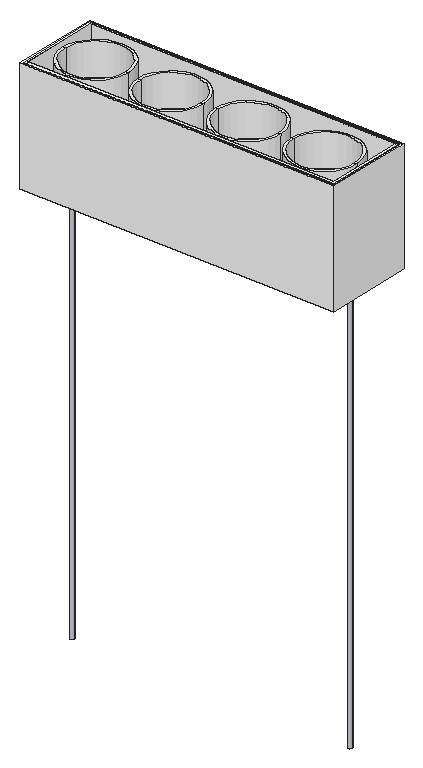
Revit family "Lighting-Pendant-Amerlux-C3M-PM-A17-4 Light", category Lighting Fixtures, host Face, Revit 2015
Parameters
  Suspension Length [instance] = 2' - 0"
  Housing Length = 1' - 6 1/8"
  Voltage = 0 V
  URL = "http://www.amerlux.com"
  Trim [instance] = yes
  Rotation Angle = 90.00°
  Power Factor = 1
  Number of Poles = 1
  Model = "C3M-PM-A17"
  Manufacturer = "Amerlux"
  Housing Width = 0' - 5"
  Lamp = "LED"
  Fixture Finish = White
  Description = "Suspended Multiple 4 Light"
  Depth = 0' - 6 1/2"
  Default Elevation = 4' - 0"
  Apparent Load = 0 VA
Reference planes (in)
  plane 1 "Center (Front/Back)": y = 0
  plane 2: z = 0
  plane 3 "Center (Left/Right)": x = 0
  plane 4: z = 18.64986
  plane 5: z = -4.75
  plane 6: z = 24
  plane 7: z = 30.64986
Forms (in)
  Extrusion 1, void
    sketch origin (0, 0, 0) x (1, 0, 0) y (0, 1, 0)
      loop
        line (-8.815, 2.375) -> (-8.815, -2.375) -> (8.8225, -2.375) -> (8.8225, 2.375) -> (-8.815, 2.375)
    from 26.64597 to 30.5
  Extrusion 2, solid, material "White" <- "Fixture Finish"
    sketch origin (0, 0, 0) x (0, 1, 0) y (0, 0, 1)
      loop
        line (-2.5, 30.5) -> (-2.5, 24) -> (2.5, 24) -> (2.5, 30.5) -> (-2.5, 30.5)
    from -9.0625 to 9.0625
  Extrusion 3, solid, material "White" <- "Fixture Finish"
    sketch origin (0, 0, 0) x (1, 0, 0) y (0, 1, 0)
      loop
        line (-8.815, 2.25) -> (-8.815, -2.25) -> (8.8225, -2.25) -> (8.8225, 2.25) -> (-8.815, 2.25)
      loop
        line (-8.94, 2.375) -> (-8.94, -2.375) -> (8.9475, -2.375) -> (8.9475, 2.375) -> (-8.94, 2.375)
    from 30.5 to 24
  Extrusion 4, solid, material "White Finish"
    sketch origin (8, 0, 0) x (1, 0, 0) y (0, 1, 0)
      loop
        circle (0, 0) r 0.12434
    from 0 to 24
  Extrusion 5, solid, material "White Finish"
    sketch origin (-8.0625, 0, 0) x (1, 0, 0) y (0, 1, 0)
      loop
        circle (0, 0) r 0.12434
    from 0 to 24
Cuts and joins
  Extrusion 1 cuts Extrusion 2
Dimensions and locks (in)
  equal spacing: Extrusion 1 sketch curve, plane 1 "Center (Front/Back)", Extrusion 1 sketch curve
  "Suspension Length": plane 6 to level
  "Depth": cut or joined group of Extrusion 1, Extrusion 2 to cut or joined group of Extrusion 1, Extrusion 2
  cut or joined group of Extrusion 1, Extrusion 2 to cut or joined group of Extrusion 1, Extrusion 2 = 0' - 3.85403"
  locked: plane 7 to plane 6 at 6.64986
  equal spacing: cut or joined group of Extrusion 1, Extrusion 2, plane 1 "Center (Front/Back)", cut or joined group of Extrusion 1, Extrusion 2
  "Housing Width": cut or joined group of Extrusion 1, Extrusion 2 to cut or joined group of Extrusion 1, Extrusion 2
  equal spacing: cut or joined group of Extrusion 1, Extrusion 2, plane 3 "Center (Left/Right)", cut or joined group of Extrusion 1, Extrusion 2
  "Housing Length": cut or joined group of Extrusion 1, Extrusion 2 to cut or joined group of Extrusion 1, Extrusion 2
  locked: cut or joined group of Extrusion 1, Extrusion 2 to cut or joined group of Extrusion 1, Extrusion 2 at 3.85403
  aligned and locked: plane 2 to host face
  aligned and locked: level to host face
  aligned and locked: Extrusion 3 to cut or joined group of Extrusion 1, Extrusion 2
  aligned and locked: Extrusion 2 to plane 6
  aligned and locked: cut or joined group of Extrusion 1, Extrusion 2 to Extrusion 3
  aligned and locked: cut or joined group of Extrusion 1, Extrusion 2 to Extrusion 1
  aligned and locked: Extrusion 4 to cut or joined group of Extrusion 1, Extrusion 2
  aligned and locked: Extrusion 5 to cut or joined group of Extrusion 1, Extrusion 2
Automatic sketch dimensions
  host sketch curve to host sketch curve = 2' - 6.49556"
  host sketch curve to host sketch curve = 2' - 7.77944"
  plane 1 "Center (Front/Back)" to Extrusion 1 sketch curve = 0' - 2 3/8"
  Extrusion 1 sketch curve to plane 3 "Center (Left/Right)" = 0' - 8.815"
  plane 3 "Center (Left/Right)" to Extrusion 1 sketch curve = 0' - 8.8225"
  Extrusion 2 sketch curve to plane 6 = 0' - 0"
  plane 1 "Center (Front/Back)" to Extrusion 2 sketch curve = 0' - 2 1/2"
  Extrusion 2 sketch curve to plane 1 "Center (Front/Back)" = 0' - 2 1/2"
  Extrusion 2 sketch curve to plane 7 = 0' - 0.14986"
  Extrusion 3 sketch curve to plane 1 "Center (Front/Back)" = 0' - 2 3/8"
  Extrusion 3 sketch curve to plane 3 "Center (Left/Right)" = 0' - 8.94"
  Extrusion 3 sketch curve to Extrusion 3 sketch curve = 0' - 0 1/8"  (x3)
  Extrusion 3 sketch curve to plane 1 "Center (Front/Back)" = 0' - 2 1/4"
  plane 3 "Center (Left/Right)" to Extrusion 3 sketch curve = 0' - 8.8225"
  plane 1 "Center (Front/Back)" to Extrusion 3 sketch curve = 0' - 2 1/4"
  plane 1 "Center (Front/Back)" to Extrusion 4 sketch curve = 0' - 0"
  plane 3 "Center (Left/Right)" to Extrusion 4 sketch curve = 0' - 8"
  plane 1 "Center (Front/Back)" to Extrusion 5 sketch curve = 0' - 0"
  Extrusion 5 sketch curve to plane 3 "Center (Left/Right)" = 0' - 8 1/16"
  radius of Extrusion 4 sketch curve = 0' - 0.12434"
  radius of Extrusion 5 sketch curve = 0' - 0.12434"
Nested families (in)
  nested 1: "Amerlux-Cylindrix" at (-5.79233, 2.00423, 26.64597) x (-1, 0, 0) z (0, 0, 1), Rotation Angle <- "Rotation Angle", type "Lighting-Accent-Amerlux-Cylindrix III Mini C3MV"
    with Rotation Angle 90.00°, Light Source Angle 90.00°
  nested 2: "Amerlux-Cylindrix" at (-3.25975, -2.03548, 26.64597), Rotation Angle <- "Rotation Angle", type "Lighting-Accent-Amerlux-Cylindrix III Mini C3MV"
    with Rotation Angle 90.00°, Light Source Angle 90.00°
  nested 3: "Amerlux-Cylindrix" at (1.18977, -2.00059, 26.64597), Rotation Angle <- "Rotation Angle", type "Lighting-Accent-Amerlux-Cylindrix III Mini C3MV"
    with Rotation Angle 90.00°, Light Source Angle 90.00°
  nested 4: "Amerlux-Cylindrix" at (5.58585, -2.00059, 26.64597), Rotation Angle <- "Rotation Angle", type "Lighting-Accent-Amerlux-Cylindrix III Mini C3MV"
    with Rotation Angle 90.00°, Light Source Angle 90.00°
Connectors (in)
  electrical at (0, 0, 24), driven by "Number of Poles", driven by "Voltage", driven by "Apparent Load", driven by "Power Factor"
    settings: on Extrusion 2, index 1, voltage 0 V, apparent load 0 VA, apparent load phase1 0 VA, apparent load phase2 0 VA, apparent load phase3 0 VA, power factor 1, load classification "Other", number of poles 1, system type 31, power factor state 1, is connector primary yes, connector utility yes, sub classification motor no, connector description "Power"
Definition of nested family "Amerlux-Cylindrix"
  Parameters (values of type "Lighting-Accent-Amerlux-Cylindrix III Mini C3MV")
    Voltage = 0 V
    Rotation Angle [instance] = 90.00°
    Power Factor = 1
    Photometric Web File = ""
    Number of Poles = 1
    Material = none
    Light Source Angle [instance] = Rotation Angle  # 90.00°
    Lamp = "LED"
    Input Wattage = ""
    Wattage = 26 W
    built-in parameter 1150110 = 1 (stored number, unit not read)
    URL = "http://www.amerlux.com"
    built-in parameter 1114217 = 1 (stored number, unit not read)
    Tilt Angle = 90.00°
    built-in parameter 1150109 = 1 (stored number, unit not read)
    built-in parameter 1150134 = 12
    built-in parameter 1150113 = 1 (stored number, unit not read)
    Model = "Cylindrix III Mini"
    Manufacturer = "Amerlux"
    built-in parameter 1150105 = 206.9 (stored number, unit not read)
    Lumens = 2600 lm
    built-in parameter 1150115 = 1 (stored number, unit not read)
    built-in parameter 1150137 = (empty or 0)
    built-in parameter 1150139 = (empty or 0)
    built-in parameter 1150112 = 1 (stored number, unit not read)
    built-in parameter 1150114 = 1 (stored number, unit not read)
    Keynote = ""
    built-in parameter 1150132 = (empty or 0)
    built-in parameter 1150102 = (empty or 0)
    built-in parameter 1150107 = 4000 (stored number, unit not read)
    built-in parameter 1150138 = (empty or 0)
    built-in parameter 1150106 = 2.069 (stored number, unit not read)
    Finish = ""
    Emit from Circle Diameter = 0' - 3 1/4"
    Emit Shape Visible in Rendering = yes
    built-in parameter 1150104 = 9.2903 (stored number, unit not read)
    Dimming Lamp Color Temperature Shift = (empty or 0)
    Description = "Track Lighting"
    Default Elevation = 4' - 0"
    Color Filter = 16777215
    built-in parameter 1114218 = 1 (stored number, unit not read)
    built-in parameter 1150133 = 10 (stored number, unit not read)
    Assembly Code = ""
    Apparent Load = 0 VA
  Reference planes (in)
    plane 1 "Center (Front/Back)": y = 2.00423
    plane 2: z = 0
    plane 3 "Center (Left/Right)": x = 2.916
    plane 4: z = 5.5625
    plane 5: y = 3.00423
    plane 6: y = 1.00423
    plane 7: through (0, 3.00979, 3.84794) normal (0, 0.5736, 0.8192)
    plane 8: through (0, -1.77321, 2.57435) normal (0, -0.5736, -0.8192)
  Forms (in)
    Extrusion 1, solid
      sketch origin (0, -1.75, 0) x (1, 0, 0) y (0, 1, 0)
        loop
          line (-4.834, 9.47868) -> (-4.834, -2.91739) -> (7.17098, -2.91739) -> (7.17098, 9.47868) -> (-4.834, 9.47868)
      from 0 to -0.03652
  Dimensions and locks (in)
    equal spacing: plane 5, plane 1 "Center (Front/Back)", plane 6
    "Rotation Angle": angle level to nested 1
    "Light Source Angle": angle level to imposter light
    aligned and locked: plane 2 to Extrusion 1
    aligned and locked: level to Extrusion 1
    aligned: imposter light to plane 1 "Center (Front/Back)"
    aligned and locked: imposter light to nested 1
  Automatic sketch dimensions
    Extrusion 1 sketch curve to Extrusion 1 sketch curve = 1' - 0.00498"
    Extrusion 1 sketch curve to Extrusion 1 sketch curve = 1' - 0.39607"
  Nested families (in)
    nested 1: "Track Head" at (1.77159, 1.95428, 1.84844) x (0, -1, 0) z (-1, 0, 0), type "Track Head"
  Definition of nested family "Track Head"
    Parameters
      Width = 0' - 3 11/16"
      Material = none
      Default Elevation = 4' - 0"
      Assembly Code = ""
    Reference planes (in)
      plane 1 "Center (Front/Back)": y = 0
      plane 2: z = 0
      plane 3 "Center (Left/Right)": x = 0
      plane 4: z = 0.81682
      plane 5: z = 0.81682
      plane 6: y = 1.84375
      plane 7: y = -1.84375
      plane 8: z = 3.25
    Forms (in)
      Extrusion 1, solid
        sketch origin (0, 0, 0) x (1, 0, 0) y (0, 1, 0)
          loop
            line (-48, 48) -> (-48, -48) -> (48, -48) -> (48, 48) -> (-48, 48)
        from 0 to -0.80444
      Revolve 2, solid, material <- "Material"
        sketch origin (0, 0, -1.8125) x (0, 1, 0) y (0, 0, 1)
          loop
            line (-1.34375, 4.52266) -> (-1.84375, 4.23398) -> (-1.84375, 2.62932) -> (1.84375, 2.62932) -> (1.84375, 4.52266) -> (-1.34375, 4.52266)
          axis (-1.84375, 2.62932) -> (1.84375, 2.62932)
        angle from 0 to 360
      Revolve 3, void
        sketch origin (0, 0, -1.8125) x (0, 1, 0) y (0, 0, 1)
          loop
            line (1.84375, 2.62932) -> (1.84375, 4.37932) -> (0, 4.37932) -> (0, 2.62932) -> (1.84375, 2.62932)
          axis (0, 2.62932) -> (1.84375, 2.62932)
        angle from 0 to 360
    Cuts and joins
      Revolve 3 cuts Revolve 2
    Dimensions and locks (in)
      equal spacing: plane 6, plane 1 "Center (Front/Back)", plane 7
      "Width": plane 6 to plane 7
      radius of cut or joined group of Revolve 2, Revolve 3 = 0' - 1.89334"
      aligned and locked: plane 2 to Extrusion 1
      aligned and locked: level to Extrusion 1
      aligned and locked: Revolve 2 sketch curve to plane 4
      aligned and locked: Revolve 3 sketch curve to plane 5
      aligned and locked: plane 7 to Revolve 2 sketch curve
      aligned and locked: Revolve 2 sketch curve to plane 6
      aligned and locked: cut or joined group of Revolve 2, Revolve 3 to cut or joined group of Revolve 2, Revolve 3
      aligned and locked: plane 1 "Center (Front/Back)" to cut or joined group of Revolve 2, Revolve 3
    Automatic sketch dimensions
      Extrusion 1 sketch curve to Extrusion 1 sketch curve = 8' - 0"  (x2)
      Revolve 3 sketch curve to plane 5 = 0' - 0"
      Revolve 3 sketch curve to plane 1 "Center (Front/Back)" = 0' - 0"
      plane 6 to Revolve 3 sketch curve = 0' - 0"
      Revolve 3 sketch curve to Revolve 3 sketch curve = 0' - 1 3/4"
      plane 7 to Revolve 3 sketch curve = 0' - 0.4751"
      Revolve 3 sketch curve to plane 6 = 0' - 1.36838"
      Revolve 2 sketch curve to plane 4 = 0' - 0"
      Revolve 2 sketch curve to Revolve 2 sketch curve = 0' - 1.89334"
      plane 7 to Revolve 2 sketch curve = 0' - 5.73878"
      Revolve 2 sketch curve to plane 6 = 0' - 7.02134"
      Revolve 2 sketch curve to Revolve 2 sketch curve = 0' - 0.28868"
      Revolve 2 sketch curve to plane 7 = 0' - 0 1/2"
